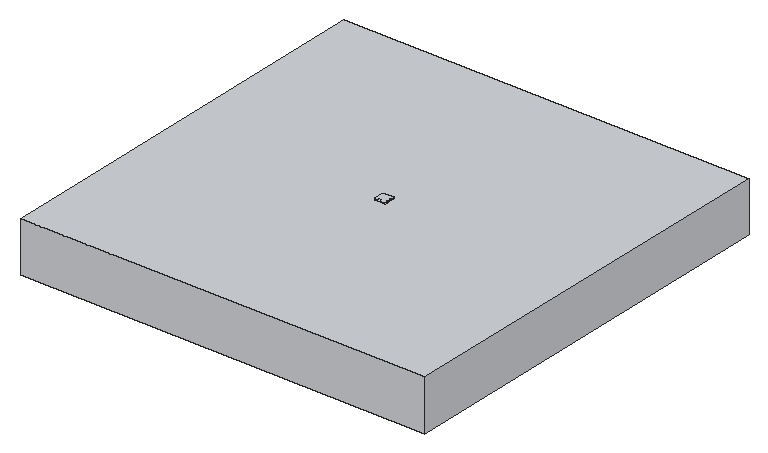
Revit family "Gira_010700", category Allgemeines Modell, Revit 2017
Family settings
  Basisbauteil = Fläche
  Kann Basisbauteil für Bewehrung sein = Nein
  Bemaßung runder Anschluss = Durchmesser verwenden
  Teiletyp = Normal
  Beim Laden mit Abzugskörper schneiden = Nein
  Gemeinsam genutzt = Nein
  Raumberechnungspunkt = Nein
Parameters
  With mounting plate = no
  With memory function = no
  With label area = no
  With glass breaking detector connection = no
  With brightness sensor connection = no
  With N-busbar = no
  With LED indication = no
  With Astro program = no
  Wiring system = "Intermediate switch"
  Washing machine switch = no
  Default Elevation = 1219.2 mm
  URL = "https://www.gira.de/"
  Typname = "Rocker sw. interm.sw. Insert"
  Type of load = "Universal"
  Type of lighting = "Not included"
  Type of fastening = "Mounting with claw and screw"
  Transparent = no
  Through loss at 860 MHz [B] = 0.1
  Through loss at 2150 MHz [B] = 0.1
  Temperature [Kelvin] = "[5:45]"
  Switch-off protection = no
  Surface protection = "Other"
  Surface finishing = "Not applicable"
  Suitable for wire wound low voltage transformer = yes
  Suitable for wind sensor = no
  Suitable for staircase time switch = no
  Suitable for rain sensor = no
  Suitable for fluorescent tube/energy-saving lamp = yes
  Suitable for electronic low voltage transformer = yes
  Suitable for degree of protection (IP) = "IP20"
  Suitable for 230 V incandescent lamp/halogen lamp = yes
  Substation input = yes
  Shielded housing = no
  Shielded buses = yes
  Serial dimmer = no
  Separate strain relief = yes
  Rated current = 10 A
  Random generator = no
  Push button switch = no
  Productwebsite = "http://katalog.gira.de/en/datenblatt.html?artikelnr=010700"
  Output voltage [Volt] = 5
  Other bus systems = "None"
  Operating voltage [Volt] = "[110:240]"
  Only suitable as substation = no
  Number of rockers = 1
  Number of outputs = 2
  Number of modules (module system) = 1
  Nominal voltage [Volt] 3 = "[230:230]"
  Nominal voltage [Volt] 2 = "[230:230]"
  Nominal voltage [Volt] = 250
  Mounting method shielding connection = "Screw"
  Mounting method = "Flush mounted (plaster)"
  Model = "Bus"
  Min. depth of built-in installation box [m] = 0.024
  Method of operation = "Rocker/button"
  Mechanical coding = no
  Max. switching power [Voltampere] = 1000
  Max. output current = 1.4 A
  Material quality = "Other"
  Material = "Other"
  Light value memory = no
  Label space/information surface 7 = "No"
  Label space/information surface 6 = "No"
  Label space/information surface 5 = "No"
  Label space/information surface 4 = "No"
  Integrated timer = no
  Input for substation = no
  Illumination = "Yes"
  Hersteller = "Gira"
  Halogen free = no
  HAN = "010700"
  GTIN = "4010337107002"
  Function lighting = "Illuminated (on)"
  Frequency [Hz] = "[50:60]"
  Forced switch off = no
  Feedback-signal contact = no
  Dimming phase cut-on = yes
  Dimming phase cut-off = yes
  Degree of protection (IP) = "IP20"
  Data sheet = "https://katalog.gira.de/en/download.html?artikelnr=010700"
  Connection type = "Plug clamp"
  Colour = "Other"
  Category = "Other"
  Bus system radio frequent = no
  Bus system Powernet = no
  Bus system LON = no
  Bus system KNX radio = no
  Bus system KNX = yes
  Bus connection included = yes
  Beschreibung = "Rock.sw.interm.sw.Ins.,Rocker switch insert 10 AX 250 V~,,Intermediate switch,Notes :,- Can also be connected with illumination."
  BIM = "https://media.stage.bim.site/public/gira/290f3eb/Einsatz_1fach.rfa"
  Assembly arrangement = "Basic element"
  Applicable with transmission button = no
  Applicable with time switch/timer = no
  Applicable with presence indicator = yes
  Applicable with movement sensor = yes
  Applicable with infrared button = no
  Applicable with button = yes
  App control via Bluetooth = no
Reference planes
  plane 1 "Center (Front/Back)": y = 0
  plane 2: z = 0
  plane 3 "Center (Left/Right)": x = 0
Forms (mm)
  Extrusion 1, solid
    sketch origin (0, 0, 0) x (1, 0, 0) y (0, 1, 0)
      loop
        line (-1219.2, 1219.2) -> (-1219.2, -1219.2) -> (1219.2, -1219.2) -> (1219.2, 1219.2) -> (-1219.2, 1219.2)
    from 0 to -304.8
  Extrusion 2, solid, detail levels fine
    sketch origin (0, 0, 0) x (1, 0, 0) y (0, 1, 0)
      loop
        line (27.475, 35.475) -> (-27.475, 35.475)
        arc (-27.475, 35.475) -> (-33.132, 33.132) -> (-35.475, 27.475) r 8
        line (-35.475, 27.475) -> (-35.475, -27.475)
        arc (-35.475, -27.475) -> (-33.132, -33.132) -> (-27.475, -35.475) r 8
        line (-27.475, -35.475) -> (27.475, -35.475)
        arc (27.475, -35.475) -> (33.132, -33.132) -> (35.475, -27.475) r 8
        line (35.475, -27.475) -> (35.475, 27.475)
        arc (35.475, 27.475) -> (33.132, 33.132) -> (27.475, 35.475) r 8
    from 0 to 1.8
  Extrusion 3, solid, detail levels fine
    sketch origin (0, 0, 0) x (1, 0, 0) y (0, 1, 0)
      loop
        line (9.678, 25.4) -> (-9.678, 25.4)
        arc (-9.678, 25.4) -> (-12.885, 24.922) -> (-15.814, 23.53) r 11
        arc (-15.814, 23.53) -> (-17.795, 22.07) -> (-19.641, 20.444) r 28.35
        arc (-19.641, 20.444) -> (-21.339, 18.665) -> (-22.876, 16.745) r 28.35
        arc (-22.876, 16.745) -> (-24.456, 13.666) -> (-25, 10.248) r 11
        line (-25, 10.248) -> (-25, -10.248)
        arc (-25, -10.248) -> (-24.456, -13.666) -> (-22.876, -16.745) r 11
        arc (-22.876, -16.745) -> (-20.409, -19.677) -> (-17.569, -22.25) r 28.35
        line (-17.569, -22.25) -> (17.569, -22.25)
        arc (17.569, -22.25) -> (20.409, -19.677) -> (22.876, -16.745) r 28.35
        arc (22.876, -16.745) -> (24.456, -13.666) -> (25, -10.248) r 11
        line (25, -10.248) -> (25, 10.248)
        arc (25, 10.248) -> (24.456, 13.666) -> (22.876, 16.745) r 11
        arc (22.876, 16.745) -> (21.593, 18.37) -> (20.195, 19.897) r 28.35
        arc (20.195, 19.897) -> (18.096, 21.823) -> (15.814, 23.53) r 28.35
        arc (15.814, 23.53) -> (12.885, 24.922) -> (9.678, 25.4) r 11
    from 0 to -22
  Extrusion 4, solid, detail levels medium
    sketch origin (0, 0, 0) x (1, 0, 0) y (0, 1, 0)
      loop
        line (-25, 25.4) -> (-25, -22.25) -> (25, -22.25) -> (25, 25.4) -> (-25, 25.4)
    from 0 to -22
  Extrusion 5, solid, detail levels coarse
    sketch origin (0, 0, 0) x (1, 0, 0) y (0, 1, 0)
      loop
        line (35.475, 35.475) -> (-35.475, 35.475) -> (-35.475, -35.475) -> (35.475, -35.475) -> (35.475, 35.475)
    from -22 to 1.8
  Extrusion 6, solid, detail levels medium
    sketch origin (0, 0, 0) x (1, 0, 0) y (0, 1, 0)
      loop
        line (35.475, 35.475) -> (-35.475, 35.475) -> (-35.475, -35.475) -> (35.475, -35.475) -> (35.475, 35.475)
    from 0 to 1.8
Dimensions and locks
  aligned and locked: plane 2 to Extrusion 1
  aligned and locked: level to Extrusion 1
Connectors
  electrical at (0, 0, -22)
    settings: on Extrusion 5, index 1, voltage 220 V, apparent load 0 VA, apparent load phase1 0 VA, apparent load phase2 0 VA, apparent load phase3 0 VA, power factor 1, load classification "Other", number of poles 1, system type 30, power factor state 1, is connector primary yes, connector utility no, sub classification motor no, connector description ""
